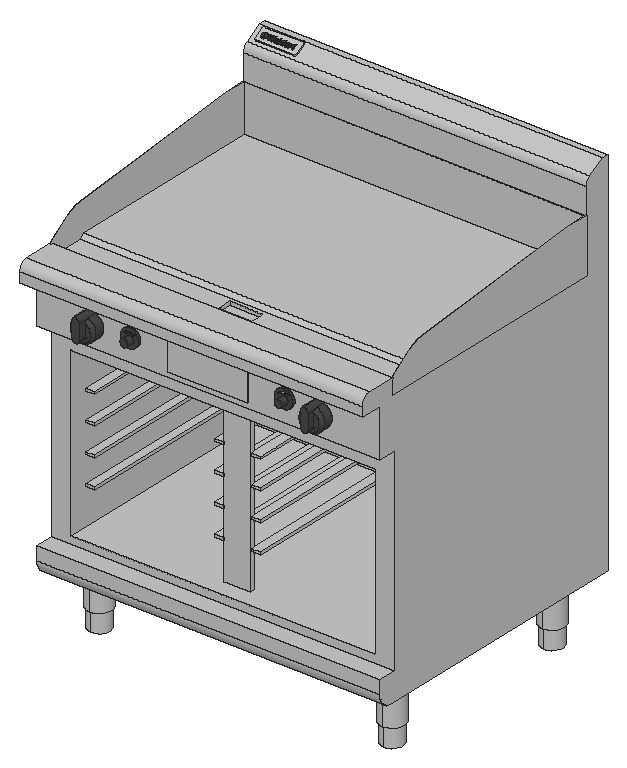
Revit family "QF_MOFFAT WALDORF_GP8900G-CB", category Specialty Equipment, Revit 2012
Parameters
  Weight in Pounds = 440.924  # constant formula
  Width [instance] = 900.00 mm  # constant formula
  URL Cutsheet = "www.moffat.com"
  URL = "www.moffat.com"
  Type Mark [instance] = ""
  Status [instance] = ""
  Specification by User [instance] = ""
  Specification by Manufacturer = ""
  Show Logo [instance] = yes
  Show Casters [instance] = no
  Serial Number = ""
  Seismic Rating = ""
  SMACNA No = ""
  Revision Code [instance] = ""
  Omniclass Number and Title = ""
  NAFEM Spec ID Number = ""
  Model = "GP8900G-CB"
  Mechanical Remarks = ""
  Mechanical Connection Type = ""
  Masterspec = ""
  Manufacturer = "MOFFAT WALDORF"
  Legs [instance] = not(Show Casters)  # yes
  Item Number [instance] = ""
  Installed By [instance] = ""
  Identify Quantity as Lot [instance] = yes
  Height = 1130.00 mm  # constant formula
  Gas Size = 3/4"
  Gas RI Height = 0.00 mm
  Gas KW = 22.2
  Gas Input = 75825.0 Btu/h
  Gas Connection Height = 0.00 mm
  Furnished By [instance] = ""
  Foodservice Equipment Identifier [instance] = yes
  Description = "GRIDDLE PLATE GAS ON CABINET BASE"
  Depth [instance] = 805.00 mm  # constant formula
  CSI MasterFormat = ""
  CSI Master Format = ""
  Back Splash [instance] = 215.00 mm  # constant formula
Reference planes
  plane 1 "BACK": y = 0
  plane 2: z = 0
  plane 3 "LEFT": x = 0
  plane 4 "RIGHT": x = 900
  plane 5 "FRONT": y = -805
  plane 6 "TOP": z = 1130
  plane 7 "Center Y": x = 450
  plane 8 "Center X": y = -402.5
  plane 9 "Base Height": z = 150
  plane 10: z = 915
  plane 11: x = 65
  plane 12: x = 834
  plane 13: y = -625
  plane 14: y = -100
  plane 15: x = 770
  plane 16: z = 655
  plane 17: y = -32
Forms (mm)
  Extrusion 1, solid, material "QF_Finishes_Stainless Steel"
    sketch origin (0, 0, 0) x (0, 1, 0) y (0, 0, 1)
      loop
        line (-749, 222.5) -> (-749, 188)
        arc (-749, 188) -> (-737.87, 161.13) -> (-711, 150) r 38
        line (-711, 150) -> (-699, 150) -> (-699, 222.5) -> (-749, 222.5)
      loop
        line (-805, 891) -> (-805, 866) -> (-749, 866) -> (-749, 740) -> (-100, 740) -> (-100, 150) -> (0, 150) -> (0, 1130) -> (-16.5, 1130) -> (-58, 1106.04)
        arc (-58, 1106.04) -> (-66.785, 1097.255) -> (-70, 1085.255) r 24
        line (-70, 1085.255) -> (-70, 875) -> (-705, 875) -> (-705, 915) -> (-781, 915)
        arc (-781, 915) -> (-797.971, 907.971) -> (-805, 891) r 24
    from 0 to 900
  Revolve 2, solid, material "QF_Finishes_Stainless Steel", visible <- "Legs"
    sketch origin (834, -210, 0) x (0, 1, 0) y (0, 0, -1)
      loop
        line (78.25, -150) -> (110, -150) -> (110, 0) -> (82.5, 0) -> (82.5, -50) -> (78.25, -50) -> (78.25, -150)
      axis (110, -150) -> (110, 0)
    angle from 0 to 360
  Revolve 3, solid, material "QF_Finishes_Stainless Steel"
    sketch origin (834, -735, 0) x (0, 1, 0) y (0, 0, -1)
      loop
        line (78.25, -150) -> (110, -150) -> (110, 0) -> (82.5, 0) -> (82.5, -50) -> (78.25, -50) -> (78.25, -150)
      axis (110, -150) -> (110, 0)
    angle from 0 to 360
  Revolve 4, solid, material "QF_Finishes_Stainless Steel", visible <- "Legs"
    sketch origin (65, -210, 0) x (0, 1, 0) y (0, 0, -1)
      loop
        line (78.25, -150) -> (110, -150) -> (110, 0) -> (82.5, 0) -> (82.5, -50) -> (78.25, -50) -> (78.25, -150)
      axis (110, -150) -> (110, 0)
    angle from 0 to 360
  Revolve 5, solid, material "QF_Finishes_Stainless Steel"
    sketch origin (65, -735, 0) x (0, 1, 0) y (0, 0, -1)
      loop
        line (78.25, -150) -> (110, -150) -> (110, 0) -> (82.5, 0) -> (82.5, -50) -> (78.25, -50) -> (78.25, -150)
      axis (110, -150) -> (110, 0)
    angle from 0 to 360
  Revolve 6, solid, material "QF_Finishes_Black"
    sketch origin (150, 0, 602.373) x (0, 1, 0) y (0, 0, -1)
      loop
        line (-782, -229.5) -> (-759, -229.5) -> (-759, -202) -> (-749, -202) -> (-749, -197) -> (-793, -197) -> (-793, -223.651) -> (-782, -229.5)
      axis (-793, -197) -> (-749, -197)
    angle from 0 to 360
  Extrusion 7, solid, material "QF_Finishes_Black"
    sketch origin (288.27, 0, 602.531) x (-1, 0, 0) y (0, 0, -1)
      loop
        arc (148.269, -184.969) -> (138.269, -174.969) -> (128.269, -184.969) r 10
        line (128.269, -184.969) -> (128.269, -223.969)
        arc (128.269, -223.969) -> (138.269, -233.969) -> (148.269, -223.969) r 10
        line (148.269, -223.969) -> (148.269, -184.969)
    from 759 to 808
  Extrusion 8, solid, material "QF_Finishes_Stainless Steel"
    sketch origin (-295, -749, 866) x (0, 0, -1) y (1, 0, 0)
      loop
        line (24, 640) -> (111, 640) -> (111, 850) -> (24, 850) -> (24, 640)
    from 0 to 2.5
  Extrusion 9, solid, material "QF_Finishes_Stainless Steel"
    sketch origin (-295, -751.5, 866) x (0, 0, -1) y (1, 0, 0)
      loop
        line (31, 850) -> (24, 850) -> (24, 640) -> (31, 640) -> (31, 850)
    from 0 to 5
  Extrusion 10, solid, material "QF_Finishes_Black"
    sketch origin (0, -749, 866) x (0, 0, -1) y (1, 0, 0)
      loop
        circle (66.25, 247.5) r 24
      loop
        arc (56.35, 262.413) -> (48.314, 247.625) -> (56.132, 232.719) r 17.868
        arc (56.132, 232.719) -> (56.612, 232.434) -> (57.127, 232.649) r 0.621
        arc (57.127, 232.649) -> (58.564, 235.208) -> (58.908, 238.122) r 7.495
        arc (58.908, 238.122) -> (58.704, 239.05) -> (58.256, 239.888) r 3.472
        arc (58.256, 239.888) -> (55.964, 247.351) -> (58.094, 254.862) r 13.786
        arc (58.094, 254.862) -> (58.734, 256.132) -> (58.999, 257.528) r 5.101
        arc (58.999, 257.528) -> (58.628, 260.047) -> (57.334, 262.239) r 6.611
        arc (57.334, 262.239) -> (56.872, 262.497) -> (56.35, 262.413) r 0.806
    from 0 to 5
  Extrusion 11, solid, material "QF_Finishes_Black"
    sketch origin (0, -754, 866) x (0, 0, -1) y (1, 0, 0)
      loop
        circle (69.75, 247.5) r 10
    from 0 to 18.251
  Extrusion 12, solid, material "QF_Finishes_Stainless Steel"
    sketch origin (0, -699, 685) x (1, 0, 0) y (0, -1, 0)
      loop
        circle (770, -667) r 13.5
    from -55 to 30
  Revolve 13, solid, material "QF_Finishes_Black"
    sketch origin (750, 0, 602.373) x (0, 1, 0) y (0, 0, 1)
      loop
        line (-782, 229.5) -> (-793, 223.651) -> (-793, 197) -> (-749, 197) -> (-749, 202) -> (-759, 202) -> (-759, 229.5) -> (-782, 229.5)
      axis (-793, 197) -> (-749, 197)
    angle from 0 to 360
  Extrusion 14, solid, material "QF_Finishes_Black"
    sketch origin (611.73, 0, 602.531) x (1, 0, 0) y (0, 0, 1)
      loop
        line (148.269, 184.969) -> (148.269, 223.969)
        arc (148.269, 223.969) -> (138.269, 233.969) -> (128.269, 223.969) r 10
        line (128.269, 223.969) -> (128.269, 184.969)
        arc (128.269, 184.969) -> (138.269, 174.969) -> (148.269, 184.969) r 10
    from 759 to 808
  Extrusion 15, solid, material "QF_Finishes_Black"
    sketch origin (900, -749, 866) x (0, 0, -1) y (1, 0, 0)
      loop
        circle (66.25, -247.5) r 24
      loop
        arc (56.35, -262.413) -> (56.872, -262.497) -> (57.334, -262.239) r 0.806
        arc (57.334, -262.239) -> (58.628, -260.047) -> (58.999, -257.528) r 6.611
        arc (58.999, -257.528) -> (58.734, -256.132) -> (58.094, -254.862) r 5.101
        arc (58.094, -254.862) -> (55.964, -247.351) -> (58.256, -239.888) r 13.786
        arc (58.256, -239.888) -> (58.704, -239.05) -> (58.908, -238.122) r 3.472
        arc (58.908, -238.122) -> (58.564, -235.208) -> (57.127, -232.649) r 7.495
        arc (57.127, -232.649) -> (56.612, -232.434) -> (56.132, -232.719) r 0.621
        arc (56.132, -232.719) -> (48.314, -247.625) -> (56.35, -262.413) r 17.868
    from 0 to 5
  Extrusion 16, solid, material "QF_Finishes_Black"
    sketch origin (900, -754, 866) x (0, 0, -1) y (1, 0, 0)
      loop
        circle (69.75, -247.5) r 10
    from 0 to 18.251
  Extrusion 17, solid, material "QF_Finishes_Stainless Steel"
    sketch origin (0, -100, 866) x (0, 0, 1) y (-1, 0, 0)
      loop
        line (-126, 0) -> (-716, 0) -> (-716, -900) -> (-126, -900) -> (-126, 0)
      loop
        line (-186, -50) -> (-623.5, -50) -> (-623.5, -850) -> (-186, -850) -> (-186, -50)
    from 0 to 599
  Extrusion 18, solid, material "QF_Finishes_Stainless Steel"
    sketch origin (0, -100, 866) x (0, 0, 1) y (-1, 0, 0)
      loop
        line (-186, -485.5) -> (-186, -414.5) -> (-623.5, -414.5) -> (-623.5, -485.5) -> (-186, -485.5)
    from 543.302 to 553.302
  Extrusion 19, solid, material "QF_Finishes_Stainless Steel"
    sketch origin (0, -100, 866) x (0, 0, 1) y (-1, 0, 0)
      loop
        line (-377.25, -414.5) -> (-370.9, -414.5) -> (-370.9, -389.5) -> (-377.25, -389.5) -> (-377.25, -414.5)
      loop
        line (-452.25, -414.5) -> (-445.9, -414.5) -> (-445.9, -389.5) -> (-452.25, -389.5) -> (-452.25, -414.5)
      loop
        line (-452.25, -50) -> (-452.25, -75) -> (-445.9, -75) -> (-445.9, -50) -> (-452.25, -50)
      loop
        line (-370.9, -75) -> (-370.9, -50) -> (-377.25, -50) -> (-377.25, -75) -> (-370.9, -75)
      loop
        line (-527.25, -414.5) -> (-520.9, -414.5) -> (-520.9, -389.5) -> (-527.25, -389.5) -> (-527.25, -414.5)
      loop
        line (-527.25, -50) -> (-527.25, -75) -> (-520.9, -75) -> (-520.9, -50) -> (-527.25, -50)
      loop
        line (-302.25, -414.5) -> (-295.9, -414.5) -> (-295.9, -389.5) -> (-302.25, -389.5) -> (-302.25, -414.5)
      loop
        line (-295.9, -75) -> (-295.9, -50) -> (-302.25, -50) -> (-302.25, -75) -> (-295.9, -75)
      loop
        line (-377.25, -485.5) -> (-377.25, -510.5) -> (-370.9, -510.5) -> (-370.9, -485.5) -> (-377.25, -485.5)
      loop
        line (-452.25, -485.5) -> (-452.25, -510.5) -> (-445.9, -510.5) -> (-445.9, -485.5) -> (-452.25, -485.5)
      loop
        line (-452.25, -850) -> (-445.9, -850) -> (-445.9, -825) -> (-452.25, -825) -> (-452.25, -850)
      loop
        line (-370.9, -825) -> (-377.25, -825) -> (-377.25, -850) -> (-370.9, -850) -> (-370.9, -825)
      loop
        line (-527.25, -485.5) -> (-527.25, -510.5) -> (-520.9, -510.5) -> (-520.9, -485.5) -> (-527.25, -485.5)
      loop
        line (-527.25, -850) -> (-520.9, -850) -> (-520.9, -825) -> (-527.25, -825) -> (-527.25, -850)
      loop
        line (-302.25, -485.5) -> (-302.25, -510.5) -> (-295.9, -510.5) -> (-295.9, -485.5) -> (-302.25, -485.5)
      loop
        line (-295.9, -825) -> (-302.25, -825) -> (-302.25, -850) -> (-295.9, -850) -> (-295.9, -825)
    from 0 to 553.302
  Extrusion 20, void
    sketch origin (0, 0, 150) x (-1, 0, 0) y (0, -1, 0)
      loop
        line (-832.738, 87.26) -> (-832.738, -30.24) -> (-703.238, -30.24) -> (-703.238, 38.76) -> (-751.738, 87.26) -> (-832.738, 87.26)
    from 72.5 to 590
Cuts and joins
  joined: Extrusion 8, Extrusion 9
  Extrusion 20 cuts Extrusion 1
  joined: Extrusion 1, Extrusion 17
Lines and regions (mm)
  Split face 1
    outline origin (12.5, -16.5, 1130) x (0, -0.866025, -0.5) y (1, 0, 0)
      loop
        line (5.391, 151.462) -> (40.361, 151.462) -> (40.361, 169.241) -> (5.391, 169.241) -> (5.391, 151.462)
  Split face 2
    outline origin (66.25, -16.5, 1130) x (0, -0.866025, -0.5) y (1, 0, 0)
      loop
        line (5.391, 151.462) -> (40.361, 151.462) -> (40.361, 169.241) -> (5.391, 169.241) -> (5.391, 151.462)
  Split face 3
    outline origin (120, -16.5, 1130) x (0, -0.866025, -0.5) y (1, 0, 0)
      loop
        line (5.391, 151.462) -> (40.361, 151.462) -> (40.361, 169.241) -> (5.391, 169.241) -> (5.391, 151.462)
  Split face 4
    outline origin (-121.25, -16.5, 1130) x (0, -0.866025, -0.5) y (1, 0, 0)
      loop
        line (5.391, 451.462) -> (40.361, 451.462) -> (40.361, 469.241) -> (5.391, 469.241) -> (5.391, 451.462)
  Split face 5
    outline origin (-67.5, -16.5, 1130) x (0, -0.866025, -0.5) y (1, 0, 0)
      loop
        line (5.391, 451.462) -> (40.361, 451.462) -> (40.361, 469.241) -> (5.391, 469.241) -> (5.391, 451.462)
  Split face 6
    outline origin (-13.75, -16.5, 1130) x (0, -0.866025, -0.5) y (1, 0, 0)
      loop
        line (5.391, 451.462) -> (40.361, 451.462) -> (40.361, 469.241) -> (5.391, 469.241) -> (5.391, 451.462)
  Split face 7
    outline origin (40, -16.5, 1130) x (0, -0.866025, -0.5) y (1, 0, 0)
      loop
        line (5.391, 451.462) -> (40.361, 451.462) -> (40.361, 469.241) -> (5.391, 469.241) -> (5.391, 451.462)
  Split face 8
    outline origin (95, -16.5, 1130) x (0, -0.866025, -0.5) y (1, 0, 0)
      loop
        line (5.391, 451.462) -> (40.361, 451.462) -> (40.361, 469.241) -> (5.391, 469.241) -> (5.391, 451.462)
  Split face 9
    outline origin (150, -16.5, 1130) x (0, -0.866025, -0.5) y (1, 0, 0)
      loop
        line (5.391, 451.462) -> (40.361, 451.462) -> (40.361, 469.241) -> (5.391, 469.241) -> (5.391, 451.462)
  Split face 10
    outline origin (205, -16.5, 1130) x (0, -0.866025, -0.5) y (1, 0, 0)
      loop
        line (5.391, 451.462) -> (40.361, 451.462) -> (40.361, 469.241) -> (5.391, 469.241) -> (5.391, 451.462)
  symbolic lines
    curve 1: line (0, 0, 0) -> (0, -805, 0)
    curve 2: line (900, 0, 0) -> (0, 0, 0)
    curve 3: line (900, -805, 0) -> (900, 0, 0)
    curve 4: line (0, -70, 0) -> (900, -70, 0)
    curve 5: line (0, -805, 0) -> (900, -805, 0)
    curve 6: line (12.5, -20.958, 0) -> (121.5, -20.958, 0)
    curve 7: line (12.5, -51.234, 0) -> (12.5, -20.958, 0)
    curve 8: line (121.5, -20.958, 0) -> (121.5, -51.234, 0)
    curve 9: line (12.5, -51.234, 0) -> (121.5, -51.234, 0)
    curve 10: line (181.741, -21.168, 0) -> (181.741, -51.453, 0)
    curve 11: line (181.741, -51.453, 0) -> (163.962, -51.453, 0)
    curve 12: line (163.962, -51.453, 0) -> (163.962, -21.168, 0)
    curve 13: line (163.962, -21.168, 0) -> (181.741, -21.168, 0)
    curve 14: line (217.712, -51.453, 0) -> (217.712, -21.168, 0)
    curve 15: line (217.712, -21.168, 0) -> (235.491, -21.168, 0)
    curve 16: line (235.491, -21.168, 0) -> (235.491, -51.453, 0)
    curve 17: line (235.491, -51.453, 0) -> (217.712, -51.453, 0)
    curve 18: line (271.462, -51.453, 0) -> (271.462, -21.168, 0)
    curve 19: line (271.462, -21.168, 0) -> (289.241, -21.168, 0)
    curve 20: line (289.241, -21.168, 0) -> (289.241, -51.453, 0)
    curve 21: line (289.241, -51.453, 0) -> (271.462, -51.453, 0)
    curve 22: line (330.212, -51.453, 0) -> (330.212, -21.168, 0)
    curve 23: line (330.212, -21.168, 0) -> (347.991, -21.168, 0)
    curve 24: line (347.991, -21.168, 0) -> (347.991, -51.453, 0)
    curve 25: line (347.991, -51.453, 0) -> (330.212, -51.453, 0)
    curve 26: line (383.962, -51.453, 0) -> (401.741, -51.453, 0)
    curve 27: line (401.741, -51.453, 0) -> (401.741, -21.168, 0)
    curve 28: line (401.741, -21.168, 0) -> (383.962, -21.168, 0)
    curve 29: line (383.962, -21.168, 0) -> (383.962, -51.453, 0)
    curve 30: line (437.712, -51.453, 0) -> (455.491, -51.453, 0)
    curve 31: line (455.491, -51.453, 0) -> (455.491, -21.168, 0)
    curve 32: line (455.491, -21.168, 0) -> (437.712, -21.168, 0)
    curve 33: line (437.712, -21.168, 0) -> (437.712, -51.453, 0)
    curve 34: line (491.462, -51.453, 0) -> (509.241, -51.453, 0)
    curve 35: line (509.241, -51.453, 0) -> (509.241, -21.168, 0)
    curve 36: line (509.241, -21.168, 0) -> (491.462, -21.168, 0)
    curve 37: line (491.462, -21.168, 0) -> (491.462, -51.453, 0)
    curve 38: line (546.462, -51.453, 0) -> (564.241, -51.453, 0)
    curve 39: line (564.241, -51.453, 0) -> (564.241, -21.168, 0)
    curve 40: line (564.241, -21.168, 0) -> (546.462, -21.168, 0)
    curve 41: line (546.462, -21.168, 0) -> (546.462, -51.453, 0)
    curve 42: line (601.462, -51.453, 0) -> (619.241, -51.453, 0)
    curve 43: line (619.241, -51.453, 0) -> (619.241, -21.168, 0)
    curve 44: line (619.241, -21.168, 0) -> (601.462, -21.168, 0)
    curve 45: line (601.462, -21.168, 0) -> (601.462, -51.453, 0)
    curve 46: line (656.462, -51.453, 0) -> (674.241, -51.453, 0)
    curve 47: line (674.241, -51.453, 0) -> (674.241, -21.168, 0)
    curve 48: line (674.241, -21.168, 0) -> (656.462, -21.168, 0)
    curve 49: line (656.462, -21.168, 0) -> (656.462, -51.453, 0)
Dimensions and locks
  equal spacing: plane 3 "LEFT", plane 7 "Center Y", plane 4 "RIGHT"
  "Width": plane 3 "LEFT" to plane 4 "RIGHT"
  equal spacing: plane 5 "FRONT", plane 8 "Center X", plane 1 "BACK"
  "Depth": plane 5 "FRONT" to plane 1 "BACK"
  locked: plane 10 to level at 915
  locked: plane 9 "Base Height" to level at 150
  plane 6 "TOP" to plane 10 = 215.00 mm
  plane 13 to plane 14 = 525.00 mm
  "Height": plane 6 "TOP" to level
  plane 15 to plane 4 "RIGHT" = 130.00 mm
  plane 16 to level = 655.00 mm
  plane 17 to plane 1 "BACK" = 32.00 mm
  aligned and locked: level to plane 2
Automatic sketch dimensions
  plane 1 "BACK" to curve 1 = 0.00 mm
  curve 1 to plane 3 "LEFT" = 0.00 mm
  curve 2 to plane 4 "RIGHT" = 0.00 mm
  plane 5 "FRONT" to curve 5 = 0.00 mm
  plane 3 "LEFT" to curve 6 = 12.50 mm
  curve 9 to plane 17 = 19.234 mm
  plane 11 to curve 9 = 56.50 mm
  plane 17 to curve 12 = 10.832 mm
  curve 6 to curve 12 = 42.462 mm
  curve 12 to curve 13 = 17.779 mm
  curve 10 to curve 14 = 35.971 mm
  curve 14 to curve 15 = 17.779 mm
  plane 17 to curve 19 = 10.832 mm
  curve 15 to curve 19 = 35.971 mm
  curve 18 to curve 20 = 17.779 mm
  curve 22 to plane 17 = 19.453 mm
  curve 20 to curve 22 = 40.971 mm
  curve 22 to curve 24 = 17.779 mm
  plane 17 to curve 29 = 10.832 mm
  curve 23 to curve 29 = 35.971 mm
  curve 28 to curve 27 = 17.779 mm
  curve 33 to plane 7 "Center Y" = 12.288 mm
  plane 7 "Center Y" to curve 31 = 5.491 mm
  plane 17 to curve 36 = 10.832 mm
  curve 31 to curve 36 = 35.971 mm
  curve 36 to curve 36 = 17.779 mm
  plane 17 to curve 40 = 10.832 mm
  curve 35 to curve 40 = 37.221 mm
  curve 40 to curve 40 = 17.779 mm
  curve 38 to curve 45 = 37.221 mm
  curve 44 to curve 43 = 17.779 mm
  plane 17 to curve 48 = 10.832 mm
  curve 43 to curve 48 = 37.221 mm
  curve 48 to curve 48 = 17.779 mm
  curve 4 to curve 7 = 18.766 mm
  curve 46 to plane 17 = 19.453 mm
  curve 45 to plane 17 = 19.453 mm
  curve 41 to plane 17 = 19.453 mm
  curve 37 to plane 17 = 19.453 mm
  curve 10 to plane 17 = 19.453 mm
  curve 14 to plane 17 = 19.453 mm
  curve 33 to plane 17 = 19.453 mm
  curve 18 to plane 17 = 19.453 mm
  curve 29 to plane 17 = 19.453 mm
  plane 17 to curve 16 = 10.832 mm
  plane 17 to curve 22 = 10.832 mm
  plane 17 to curve 32 = 10.832 mm
  plane 17 to curve 43 = 10.832 mm
  plane 17 to curve 7 = 11.042 mm
  Revolve 2 sketch curve to plane 9 "Base Height" = 0.00 mm
  Revolve 2 sketch curve to level = 0.00 mm
  Revolve 2 sketch curve to plane 14 = 0.00 mm  (x2)
  Revolve 2 sketch curve to plane 14 = 27.50 mm
  Revolve 2 sketch curve to plane 14 = 31.75 mm
  level to Revolve 2 sketch curve = 50.00 mm
  Revolve 2 sketch curve to Revolve 2 sketch curve = 0.00 mm
  Revolve 2 sketch curve to Revolve 2 sketch curve = 55.00 mm
  Revolve 3 sketch curve to plane 9 "Base Height" = 0.00 mm
  Revolve 3 sketch curve to level = 0.00 mm
  Revolve 3 sketch curve to plane 13 = 0.00 mm  (x2)
  Revolve 3 sketch curve to plane 13 = 27.50 mm
  Revolve 3 sketch curve to plane 13 = 31.75 mm
  level to Revolve 3 sketch curve = 50.00 mm
  Revolve 3 sketch curve to Revolve 3 sketch curve = 0.00 mm
  Revolve 3 sketch curve to Revolve 3 sketch curve = 55.00 mm
  Revolve 4 sketch curve to plane 9 "Base Height" = 0.00 mm
  Revolve 4 sketch curve to level = 0.00 mm
  Revolve 4 sketch curve to plane 14 = 0.00 mm  (x2)
  Revolve 4 sketch curve to plane 14 = 27.50 mm
  Revolve 4 sketch curve to plane 14 = 31.75 mm
  level to Revolve 4 sketch curve = 50.00 mm
  Revolve 4 sketch curve to Revolve 4 sketch curve = 0.00 mm
  Revolve 4 sketch curve to Revolve 4 sketch curve = 55.00 mm
  Revolve 5 sketch curve to plane 9 "Base Height" = 0.00 mm
  Revolve 5 sketch curve to level = 0.00 mm
  Revolve 5 sketch curve to plane 13 = 0.00 mm  (x2)
  Revolve 5 sketch curve to plane 13 = 27.50 mm
  Revolve 5 sketch curve to plane 13 = 31.75 mm
  level to Revolve 5 sketch curve = 50.00 mm
  Revolve 5 sketch curve to Revolve 5 sketch curve = 0.00 mm
  Revolve 5 sketch curve to Revolve 5 sketch curve = 55.00 mm
  Extrusion 1 to Split face 1 sketch curve = 5.391 mm
  Split face 1 sketch curve to Extrusion 1 = 7.559 mm
  Split face 1 sketch curve to Extrusion 1 = 163.962 mm
  Split face 1 sketch curve to Split face 1 sketch curve = 17.779 mm
  Extrusion 1 to Split face 2 sketch curve = 5.391 mm
  Split face 2 sketch curve to Extrusion 1 = 7.559 mm
  Split face 2 sketch curve to Extrusion 1 = 217.712 mm
  Split face 2 sketch curve to Split face 2 sketch curve = 17.779 mm
  Extrusion 1 to Split face 3 sketch curve = 5.391 mm
  Split face 3 sketch curve to Extrusion 1 = 7.559 mm
  Split face 3 sketch curve to Extrusion 1 = 271.462 mm
  Split face 3 sketch curve to Split face 3 sketch curve = 17.779 mm
  Extrusion 1 to Split face 4 sketch curve = 5.391 mm
  Split face 4 sketch curve to Extrusion 1 = 7.559 mm
  Split face 4 sketch curve to Extrusion 1 = 330.212 mm
  Split face 4 sketch curve to Split face 4 sketch curve = 17.779 mm
  Extrusion 1 to Split face 5 sketch curve = 5.391 mm
  Split face 5 sketch curve to Extrusion 1 = 7.559 mm
  Split face 5 sketch curve to Extrusion 1 = 383.962 mm
  Split face 5 sketch curve to Split face 5 sketch curve = 17.779 mm
  Extrusion 1 to Split face 6 sketch curve = 5.391 mm
  Split face 6 sketch curve to Extrusion 1 = 7.559 mm
  Split face 6 sketch curve to Extrusion 1 = 437.712 mm
  Split face 6 sketch curve to Split face 6 sketch curve = 17.779 mm
  Extrusion 1 to Split face 7 sketch curve = 5.391 mm
  Split face 7 sketch curve to Extrusion 1 = 7.559 mm
  Split face 7 sketch curve to Extrusion 1 = 408.538 mm
  Split face 7 sketch curve to Split face 7 sketch curve = 17.779 mm
  Revolve 6 sketch curve to plane 5 "FRONT" = 12.00 mm
  Revolve 6 sketch curve to Revolve 6 sketch curve = 0.00 mm  (x2)
  Revolve 6 sketch curve to Revolve 6 sketch curve = 11.00 mm
  Revolve 6 sketch curve to Revolve 6 sketch curve = 12.70 mm
  Revolve 6 sketch curve to Revolve 6 sketch curve = 23.00 mm
  Revolve 6 sketch curve to Revolve 6 sketch curve = 10.00 mm
  Revolve 6 sketch curve to plane 10 = 83.127 mm
  Revolve 6 sketch curve to Revolve 6 sketch curve = 5.849 mm
  Revolve 6 sketch curve to Revolve 6 sketch curve = 27.50 mm
  Revolve 6 sketch curve to Revolve 6 sketch curve = 5.00 mm
  plane 11 to Extrusion 7 sketch curve = 95.001 mm
  Extrusion 7 sketch curve to Extrusion 7 sketch curve = 10.00 mm
  Extrusion 7 sketch curve to plane 10 = 88.50 mm
  Extrusion 7 sketch curve to Extrusion 7 sketch curve = 39.00 mm
  Extrusion 1 to Extrusion 8 sketch curve = 24.00 mm
  Extrusion 8 sketch curve to Extrusion 1 = 15.00 mm
  Extrusion 1 to Extrusion 8 sketch curve = 345.00 mm
  Extrusion 8 sketch curve to Extrusion 8 sketch curve = 210.00 mm
  Extrusion 9 sketch curve to Extrusion 8 = 0.00 mm  (x2)
  Extrusion 8 to Extrusion 9 sketch curve = 0.00 mm
  Extrusion 9 sketch curve to Extrusion 8 = 7.00 mm
  Extrusion 1 to Extrusion 10 sketch curve = 51.437 mm
  Extrusion 10 sketch curve to Extrusion 10 sketch curve = 0.958 mm
  Extrusion 10 sketch curve to Extrusion 10 sketch curve = 1.509 mm
  Extrusion 10 sketch curve to Extrusion 10 sketch curve = 4.01 mm
  Extrusion 10 sketch curve to Extrusion 10 sketch curve = 0.685 mm
  Extrusion 10 sketch curve to Extrusion 10 sketch curve = 2.447 mm
  Extrusion 10 sketch curve to Extrusion 10 sketch curve = 0.524 mm
  Extrusion 10 sketch curve to Extrusion 10 sketch curve = 0.381 mm
  Extrusion 10 sketch curve to Extrusion 10 sketch curve = 0.472 mm
  Extrusion 10 sketch curve to Extrusion 10 sketch curve = 0.00 mm  (x5)
  Extrusion 10 sketch curve to Extrusion 10 sketch curve = 0.602 mm
  Extrusion 10 sketch curve to Extrusion 10 sketch curve = 4.19 mm
  Extrusion 10 sketch curve to Extrusion 10 sketch curve = 2.809 mm
  Extrusion 10 sketch curve to Extrusion 10 sketch curve = 0.652 mm
  Extrusion 10 sketch curve to Extrusion 10 sketch curve = 0.905 mm
  Extrusion 10 sketch curve to Extrusion 10 sketch curve = 8.087 mm
  Extrusion 10 sketch curve to Extrusion 10 sketch curve = 0.069 mm
  Extrusion 10 sketch curve to Extrusion 10 sketch curve = 3.50 mm
  Extrusion 1 to Extrusion 10 sketch curve = 232.649 mm
  Extrusion 10 sketch curve to Extrusion 10 sketch curve = 0.07 mm
  Extrusion 10 sketch curve to Extrusion 10 sketch curve = 7.606 mm
  Extrusion 10 sketch curve to Extrusion 10 sketch curve = 0.007 mm
  Revolve 13 sketch curve to plane 5 "FRONT" = 12.00 mm
  Revolve 13 sketch curve to Revolve 13 sketch curve = 0.00 mm  (x2)
  Revolve 13 sketch curve to Revolve 13 sketch curve = 11.00 mm
  Revolve 13 sketch curve to Revolve 13 sketch curve = 12.70 mm
  Revolve 13 sketch curve to Revolve 13 sketch curve = 23.00 mm
  Revolve 13 sketch curve to Revolve 13 sketch curve = 10.00 mm
  Revolve 13 sketch curve to plane 10 = 115.627 mm
  Revolve 13 sketch curve to Revolve 13 sketch curve = 5.00 mm
  Revolve 13 sketch curve to Revolve 13 sketch curve = 26.651 mm
  Revolve 13 sketch curve to Revolve 13 sketch curve = 5.849 mm
  Extrusion 14 sketch curve to plane 15 = 30.001 mm
  Extrusion 14 sketch curve to Extrusion 14 sketch curve = 10.00 mm
  Extrusion 14 sketch curve to plane 10 = 127.50 mm
  Extrusion 14 sketch curve to Extrusion 14 sketch curve = 39.00 mm
  Extrusion 1 to Extrusion 15 sketch curve = 51.437 mm
  Extrusion 15 sketch curve to Extrusion 15 sketch curve = 0.958 mm
  Extrusion 15 sketch curve to Extrusion 15 sketch curve = 1.509 mm
  Extrusion 15 sketch curve to Extrusion 15 sketch curve = 4.01 mm
  Extrusion 15 sketch curve to Extrusion 15 sketch curve = 0.685 mm
  Extrusion 15 sketch curve to Extrusion 15 sketch curve = 2.447 mm
  Extrusion 15 sketch curve to Extrusion 15 sketch curve = 0.524 mm
  Extrusion 15 sketch curve to Extrusion 15 sketch curve = 0.381 mm
  Extrusion 15 sketch curve to Extrusion 15 sketch curve = 0.472 mm
  Extrusion 15 sketch curve to Extrusion 15 sketch curve = 0.00 mm  (x5)
  Extrusion 15 sketch curve to Extrusion 15 sketch curve = 0.602 mm
  Extrusion 15 sketch curve to Extrusion 15 sketch curve = 4.19 mm
  Extrusion 15 sketch curve to Extrusion 15 sketch curve = 2.809 mm
  Extrusion 15 sketch curve to Extrusion 15 sketch curve = 0.652 mm
  Extrusion 15 sketch curve to Extrusion 15 sketch curve = 0.905 mm
  Extrusion 15 sketch curve to Extrusion 15 sketch curve = 8.087 mm
  Extrusion 15 sketch curve to Extrusion 15 sketch curve = 0.069 mm
  Extrusion 15 sketch curve to Extrusion 15 sketch curve = 3.50 mm
  Extrusion 1 to Extrusion 15 sketch curve = 262.413 mm
  Extrusion 15 sketch curve to Extrusion 15 sketch curve = 0.175 mm
  Extrusion 15 sketch curve to Extrusion 15 sketch curve = 7.362 mm
  Extrusion 15 sketch curve to Extrusion 15 sketch curve = 0.007 mm
  Extrusion 1 to Split face 8 sketch curve = 5.391 mm
  Split face 8 sketch curve to Extrusion 1 = 7.559 mm
  Split face 8 sketch curve to Extrusion 1 = 353.538 mm
  Split face 8 sketch curve to Split face 8 sketch curve = 17.779 mm
  Extrusion 1 to Split face 9 sketch curve = 5.391 mm
  Split face 9 sketch curve to Extrusion 1 = 7.559 mm
  Split face 9 sketch curve to Extrusion 1 = 298.538 mm
  Split face 9 sketch curve to Split face 9 sketch curve = 17.779 mm
  Extrusion 1 to Split face 10 sketch curve = 5.391 mm
  Split face 10 sketch curve to Extrusion 1 = 7.559 mm
  Split face 10 sketch curve to Extrusion 1 = 243.538 mm
  Split face 10 sketch curve to Split face 10 sketch curve = 17.779 mm
  Extrusion 1 sketch curve to plane 5 "FRONT" = 0.00 mm
  Extrusion 1 sketch curve to plane 10 = 0.00 mm
  Extrusion 1 sketch curve to plane 9 "Base Height" = 0.00 mm
  Extrusion 1 sketch curve to plane 6 "TOP" = 0.00 mm
  Extrusion 1 sketch curve to plane 1 "BACK" = 0.00 mm
  Extrusion 1 sketch curve to plane 5 "FRONT" = 24.00 mm
  Extrusion 1 sketch curve to Extrusion 1 sketch curve = 32.00 mm
  Extrusion 1 sketch curve to plane 5 "FRONT" = 56.00 mm
  Extrusion 1 sketch curve to Extrusion 1 sketch curve = 38.00 mm
  Extrusion 1 sketch curve to Extrusion 1 sketch curve = 44.00 mm
  plane 14 to Extrusion 1 sketch curve = 30.00 mm
  Extrusion 1 sketch curve to Extrusion 1 sketch curve = 12.00 mm  (x2)
  Extrusion 1 sketch curve to plane 17 = 14.00 mm
  plane 17 to Extrusion 1 sketch curve = 15.50 mm
  Extrusion 1 sketch curve to Extrusion 1 sketch curve = 34.50 mm
  Extrusion 1 sketch curve to Extrusion 1 sketch curve = 25.00 mm
  Extrusion 1 sketch curve to plane 10 = 40.00 mm
  Extrusion 1 sketch curve to plane 6 "TOP" = 44.745 mm
  plane 9 "Base Height" to Extrusion 1 sketch curve = 0.00 mm
  Extrusion 1 sketch curve to plane 14 = 0.00 mm
  plane 16 to Extrusion 1 sketch curve = 85.00 mm
  Extrusion 12 sketch curve to plane 15 = 0.00 mm
  Extrusion 12 sketch curve to plane 17 = 0.00 mm
  Extrusion 17 sketch curve to Extrusion 1 = 0.00 mm  (x4)
  Extrusion 17 sketch curve to Extrusion 1 = 92.50 mm
  Extrusion 1 to Extrusion 17 sketch curve = 60.00 mm
  Extrusion 1 to Extrusion 17 sketch curve = 50.00 mm  (x2)
  Extrusion 18 sketch curve to Extrusion 1 = 92.50 mm
  Extrusion 1 to Extrusion 18 sketch curve = 60.00 mm
  Extrusion 1 to Extrusion 18 sketch curve = 414.50 mm
  Extrusion 18 sketch curve to Extrusion 18 sketch curve = 71.00 mm
  Extrusion 1 to Extrusion 19 sketch curve = 75.00 mm  (x2)
  Extrusion 19 sketch curve to Extrusion 1 = 188.75 mm  (x3)
  Extrusion 19 sketch curve to Extrusion 19 sketch curve = 0.00 mm  (x6)
  Extrusion 1 to Extrusion 19 sketch curve = 50.00 mm  (x4)
  Extrusion 19 sketch curve to Extrusion 19 sketch curve = 6.35 mm  (x16)
  Extrusion 19 sketch curve to Extrusion 19 sketch curve = 68.65 mm  (x12)
  Extrusion 19 sketch curve to Extrusion 19 sketch curve = 25.00 mm  (x16)
  Extrusion 19 sketch curve to Extrusion 19 sketch curve = 314.50 mm
  Extrusion 19 sketch curve to Extrusion 19 sketch curve = 71.00 mm  (x4)
  plane 12 to Extrusion 20 sketch curve = 1.262 mm
  Extrusion 20 sketch curve to plane 15 = 18.262 mm
  Extrusion 20 sketch curve to plane 17 = 6.76 mm
  Extrusion 20 sketch curve to plane 15 = 66.762 mm
  Extrusion 20 sketch curve to plane 1 "BACK" = 30.24 mm
  plane 14 to Extrusion 20 sketch curve = 12.74 mm
  radius of Extrusion 10 sketch curve = 24.00 mm
  radius of Extrusion 11 sketch curve to Extrusion 10 = 3.786 mm
  radius of Extrusion 12 sketch curve = 13.50 mm
  radius of Extrusion 15 sketch curve = 24.00 mm
  radius of Extrusion 16 sketch curve to Extrusion 15 = 3.786 mm
Nested families
  nested 1: "GP8900G-CB-CASTERS" at (65, -127.5, 0), Show Casters <- "Show Casters", visible <- "Show Casters", type "GP8600G-CB-CASTERS"
    with Type Mark "", Status "", Specification by User "", Show Casters no, Revision Code "", Item Number "", Installed By "", Identify Quantity as Lot yes, Furnished By "", Foodservice Equipment Identifier yes
  nested 2: "GP8900G-CB-CASTERS" at (835, -127.5, 0), Show Casters <- "Show Casters", visible <- "Show Casters", type "GP8600G-CB-CASTERS"
    with Type Mark "", Status "", Specification by User "", Show Casters no, Revision Code "", Item Number "", Installed By "", Identify Quantity as Lot yes, Furnished By "", Foodservice Equipment Identifier yes
  nested 3: "GAS GRIDDLE PLATE" at (0, -70, 875), type "GAS GRIDDLE PLATE"
    with Type Mark "", Status "", Specification by User "", Show Clearance yes, Revision Code "", Number of Poles 1, Mechanical Remarks "", Mechanical Connection Type "", Item Number "", Installed By "", Identify Quantity as Lot yes, Gas RI Height 0.00 mm, Gas KW 0, Gas Input 0.0 Btu/h, Furnished By "", Foodservice Equipment Identifier yes, Electrical Remarks "", Electric Connection Type "", Elec Conn RI Height 0.00 mm, Elec Conn Connection Height 0.00 mm
  nested 4: "WALDORF LOGO_FACE BASE" at (12.5, -21.544, 1127.088) x (1, 0, 0) z (0, -0.5, 0.866), visible <- "Show Logo", type "WALDORF LOGO_FACE BASE", detail levels medium+fine
    with Show Logo yes
Connectors
  piping at (770, -32, 655)
    settings: on Extrusion 12, index 1, connector radius 0.37402", flow factor 0, pipe flow 0 GPM, pressure drop 0.00 psi, fitting loss kfactor 0, connector angle 0.00°, fixture units 0, engagement length 0.00 mm, flow configuration 1, flow direction 1, fitting loss method 0, system type 7, joint type 0, gender type 0, connector reference index -1, connector utility 0, adjustable connector no, is connector primary yes, fitting loss table "", connector description "GAS CONNECTION"
Definition of nested family "GAS GRIDDLE PLATE"
  Parameters (values of type "GAS GRIDDLE PLATE")
    Weight in Pounds = 0
    Watts = 0 W
    Volts = 0 V
    URL Cutsheet = ""
    Type Mark [instance] = ""
    Status [instance] = ""
    Specification by User [instance] = ""
    Specification by Manufacturer = ""
    Show Clearance [instance] = yes
    Serial Number = ""
    Seismic Rating = ""
    SMACNA No = ""
    Revision Code [instance] = ""
    Phase = 1
    Omniclass Number and Title = ""
    Number of Poles [instance] = 1
    NAFEM Spec ID Number = ""
    Min Ckt Ampacity = 0 A
    Mechanical Remarks [instance] = ""
    Mechanical Connection Type [instance] = ""
    Max Overcurrent Protection = 0 A
    Masterspec = ""
    Item Number [instance] = ""
    Installed By [instance] = ""
    Identify Quantity as Lot [instance] = yes
    HP = ""
    Gas Size = 0"
    Gas RI Height [instance] = 0.00 mm
    Gas KW [instance] = 0
    Gas Input [instance] = 0.0 Btu/h
    Gas Connection Height = 0.00 mm
    Furnished By [instance] = ""
    Foodservice Equipment Identifier [instance] = yes
    FL Amps = 0 A
    Electrical Remarks [instance] = ""
    Electric Connection Type [instance] = ""
    Elec Conn RI Height [instance] = 0.00 mm
    Elec Conn Connection Height [instance] = 0.00 mm
    Cycle = 0 Hz
    Conn Plug = ""
    Conn Conduit = yes
    CSI MasterFormat = ""
    CSI Master Format = ""
    Apparent Power = if(Phase = 3, Volts * FL Amps * 1.73, Volts * FL Amps)  # 0 VA
  Reference planes
    plane 1 "BACK": y = 0
    plane 2: z = 0
    plane 3 "LEFT": x = 0
    plane 4 "RIGHT": x = 900
    plane 5 "FRONT": y = -634.4
    plane 6 "TOP": z = 142.5
    plane 7 "Center Y": x = 450
    plane 8 "Center X": y = -317.2
  Forms (mm)
    Extrusion 1, solid, material "QF_Finishes_Stainless Steel"
      sketch origin (0, 70.003, -875) x (0, 1, 0) y (0, 0, 1)
        loop
          line (-70, 875) -> (-70, 1017.5) -> (-126.948, 1017.5) -> (-604.433, 971.523)
          arc (-604.433, 971.523) -> (-629.46, 965.803) -> (-652.206, 953.899) r 100
          line (-652.206, 953.899) -> (-704.403, 917.35) -> (-704.403, 875) -> (-70, 875)
      from 0 to 1.8
    Extrusion 2, solid, material "QF_Finishes_Stainless Steel"
      sketch origin (150, 70.003, -875) x (0, 1, 0) y (0, 0, 1)
        loop
          line (-70, 895) -> (-601, 895) -> (-611.5, 884.5) -> (-704.403, 884.5) -> (-704.403, 875) -> (-70, 875) -> (-70, 895)
      from -148.2 to 748.2
    Extrusion 3, void
      sketch origin (150, -541.497, 9.5) x (0, -1, 0) y (1, 0, 0)
        loop
          line (10, 344.25) -> (10, 255.75) -> (48.5, 255.75) -> (48.5, 344.25) -> (10, 344.25)
      from -41.4 to 40.142
    Extrusion 4, solid, material "QF_Finishes_Stainless Steel"
      sketch origin (150, 0.003, 211.074) x (0, 0, -1) y (1, 0, 0)
        loop
          line (68.574, -148.2) -> (191.074, -148.2) -> (191.074, 748.2) -> (68.574, 748.2) -> (68.574, -148.2)
      from 0 to 1.683
    Extrusion 5, solid, material "QF_Finishes_Stainless Steel"
      sketch origin (900, 70.003, -875) x (0, 1, 0) y (0, 0, -1)
        loop
          line (-70, -875) -> (-704.403, -875) -> (-704.403, -917.35) -> (-652.206, -953.899)
          arc (-652.206, -953.899) -> (-629.46, -965.803) -> (-604.433, -971.523) r 100
          line (-604.433, -971.523) -> (-126.948, -1017.5) -> (-70, -1017.5) -> (-70, -875)
      from 0 to 1.8
  Cuts and joins
    Extrusion 3 cuts Extrusion 2
  Lines and regions (mm)
    symbolic lines
      curve 1: line (898.8, -530.997, 0) -> (1.8, -530.997, 0)
      curve 2: line (1.8, -541.497, 0) -> (898.8, -541.497, 0)
      curve 3: line (405.75, -551.497, 0) -> (405.75, -589.997, 0)
      curve 4: line (405.75, -589.997, 0) -> (494.25, -589.997, 0)
      curve 5: line (494.25, -589.997, 0) -> (494.25, -551.497, 0)
      curve 6: line (494.25, -551.497, 0) -> (405.75, -551.497, 0)
      curve 7: line (1.8, -1.68, 0) -> (898.8, -1.68, 0)
      curve 8: line (898.8, -1.68, 0) -> (898.8, -634.4, 0)
      curve 9: line (1.8, -634.4, 0) -> (1.8, -1.68, 0)
      curve 10: line (1.8, -634.4, 0) -> (898.8, -634.4, 0)
  Dimensions and locks
    equal spacing: plane 3 "LEFT", plane 7 "Center Y", plane 4 "RIGHT"
    plane 3 "LEFT" to plane 4 "RIGHT" = 900.00 mm
    equal spacing: plane 5 "FRONT", plane 8 "Center X", plane 1 "BACK"
    plane 5 "FRONT" to plane 1 "BACK" = 634.40 mm
    aligned and locked: level to plane 2
  Automatic sketch dimensions
    plane 5 "FRONT" to curve 10 = 0.00 mm
    plane 3 "LEFT" to curve 10 = 1.80 mm
    curve 4 to plane 5 "FRONT" = 44.403 mm
    plane 4 "RIGHT" to curve 4 = 494.25 mm
    plane 4 "RIGHT" to curve 5 = 405.75 mm
    plane 4 "RIGHT" to curve 8 = 1.20 mm
    curve 3 to curve 3 = 38.50 mm
    curve 2 to plane 5 "FRONT" = 92.903 mm
    curve 2 to curve 1 = 10.50 mm
    plane 1 "BACK" to curve 9 = 1.68 mm
    Extrusion 1 sketch curve to level = 0.00 mm
    Extrusion 1 sketch curve to plane 5 "FRONT" = 0.00 mm
    Extrusion 1 sketch curve to plane 6 "TOP" = 0.00 mm
    Extrusion 1 sketch curve to plane 5 "FRONT" = 52.197 mm
    Extrusion 1 sketch curve to Extrusion 1 sketch curve = 47.773 mm
    Extrusion 1 sketch curve to level = 3.016 mm
    Extrusion 1 sketch curve to Extrusion 1 sketch curve = 9.585 mm
    plane 1 "BACK" to Extrusion 1 sketch curve = 56.945 mm
    Extrusion 1 sketch curve to plane 1 "BACK" = 0.003 mm
    level to Extrusion 1 sketch curve = 42.35 mm
    Extrusion 1 sketch curve to plane 6 "TOP" = 63.601 mm
    Extrusion 2 sketch curve to level = 0.00 mm
    Extrusion 2 sketch curve to plane 5 "FRONT" = 0.00 mm
    level to Extrusion 2 sketch curve = 9.50 mm
    Extrusion 2 sketch curve to Extrusion 2 sketch curve = 92.903 mm
    Extrusion 2 sketch curve to Extrusion 2 sketch curve = 10.50 mm  (x2)
    Extrusion 2 sketch curve to plane 1 "BACK" = 0.003 mm
    Extrusion 2 to Extrusion 3 sketch curve = 10.00 mm
    Extrusion 3 sketch curve to Extrusion 3 sketch curve = 38.50 mm
    Extrusion 2 to Extrusion 3 sketch curve = 492.45 mm
    Extrusion 2 to Extrusion 3 sketch curve = 403.95 mm
    Extrusion 4 sketch curve to plane 6 "TOP" = 0.00 mm
    level to Extrusion 4 sketch curve = 20.00 mm
    plane 3 "LEFT" to Extrusion 4 sketch curve = 1.80 mm
    plane 7 "Center Y" to Extrusion 4 sketch curve = 448.20 mm
    Extrusion 5 sketch curve to level = 0.00 mm
    Extrusion 5 sketch curve to plane 5 "FRONT" = 0.00 mm
    Extrusion 5 sketch curve to plane 6 "TOP" = 0.00 mm
    Extrusion 5 sketch curve to plane 5 "FRONT" = 52.197 mm
    Extrusion 5 sketch curve to Extrusion 5 sketch curve = 47.773 mm
    Extrusion 5 sketch curve to level = 3.016 mm
    Extrusion 5 sketch curve to Extrusion 5 sketch curve = 57.358 mm
    plane 1 "BACK" to Extrusion 5 sketch curve = 56.945 mm
    Extrusion 5 sketch curve to plane 1 "BACK" = 0.003 mm
    Extrusion 5 sketch curve to plane 6 "TOP" = 45.977 mm
    level to Extrusion 5 sketch curve = 42.35 mm
Definition of nested family "WALDORF LOGO_FACE BASE"
  Parameters (values of type "WALDORF LOGO_FACE BASE")
    Show Logo [instance] = yes
    Default Elevation = 1219.20 mm
  Reference planes
    plane 1 "Center (Front/Back)": y = 0
    plane 2: z = 0
    plane 3 "Center (Left/Right)": x = 0
  Forms (mm)
    Extrusion 1, solid
      sketch origin (0, 0, 0) x (1, 0, 0) y (0, 1, 0)
        loop
          line (-1219.2, 1219.2) -> (-1219.2, -1219.2) -> (1219.2, -1219.2) -> (1219.2, 1219.2) -> (-1219.2, 1219.2)
      from 0 to -304.8
    Extrusion 2, solid, material "QF_Finishes_Stainless Steel", visible <- "Show Logo"
      sketch origin (0, -33.217, 0) x (1, 0, 0) y (0, 1, 0)
        loop
          arc (5, 34.14) -> (1.464, 32.676) -> (0, 29.14) r 5
          line (0, 29.14) -> (0, 5)
          arc (0, 5) -> (1.464, 1.464) -> (5, 0) r 5
          line (5, 0) -> (104, 0)
          arc (104, 0) -> (107.536, 1.464) -> (109, 5) r 5
          line (109, 5) -> (109, 29.14)
          arc (109, 29.14) -> (107.536, 32.676) -> (104, 34.14) r 5
          line (104, 34.14) -> (5, 34.14)
      from 0 to 1.588
    Extrusion 3, solid, material "QF_Finishes_Black", visible <- "Show Logo"
      sketch origin (0, -33.217, 1.588) x (1, 0, 0) y (0, 1, 0)
        loop
          line (24.772, 23.214) -> (27.992, 10.301) -> (31.551, 10.301) -> (33.443, 17.364) -> (35.205, 10.301) -> (39.332, 10.301) -> (42.077, 23.214) -> (38.352, 23.214) -> (36.676, 15.33) -> (35, 23.214) -> (31.752, 23.214) -> (30.076, 15.33) -> (28.4, 23.214) -> (24.772, 23.214)
        loop
          line (42.272, 17.055) -> (45.703, 17.055)
          spline (45.703, 17.055) -> (45.741, 17.285) -> (45.852, 17.499) -> (46.028, 17.682) -> (46.258, 17.823) -> (46.526, 17.912) -> (46.813, 17.942) -> (47.1, 17.912) -> (47.368, 17.823) -> (47.597, 17.682) -> (47.774, 17.499) -> (47.884, 17.285) -> (47.922, 17.055)
          line (47.922, 17.055) -> (47.922, 16.222)
          arc (47.922, 16.222) -> (45.742, 16.014) -> (43.665, 15.317) r 9.604
          arc (43.665, 15.317) -> (41.924, 12.809) -> (43.665, 10.301) r 2.677
          arc (43.665, 10.301) -> (45.527, 10.353) -> (47.332, 10.816) r 8.365
          line (47.332, 10.816) -> (48.092, 11.105) -> (48.092, 10.301) -> (51.817, 10.301) -> (51.817, 17.055)
          spline (51.817, 17.055) -> (51.654, 17.821) -> (51.178, 18.535) -> (50.419, 19.148) -> (49.431, 19.619) -> (48.28, 19.914) -> (47.044, 20.015) -> (45.809, 19.914) -> (44.658, 19.619) -> (43.67, 19.148) -> (42.911, 18.535) -> (42.434, 17.821) -> (42.272, 17.055)
        loop
          line (53.151, 23.214) -> (53.151, 10.301) -> (57.37, 10.301) -> (57.37, 23.214) -> (53.151, 23.214)
        loop
          line (64.874, 23.214) -> (64.874, 18.857)
          arc (64.874, 18.857) -> (58.083, 15.11) -> (64.874, 11.363) r 4.429
          line (64.874, 11.363) -> (64.874, 10.301) -> (68.378, 10.301) -> (68.378, 23.214) -> (64.874, 23.214)
        loop
          arc (64.874, 16.083) -> (61.41, 14.987) -> (64.874, 13.891) r 1.905
          line (64.874, 13.891) -> (64.874, 16.083)
        loop
          circle (74.623, 15.223) r 5
        loop
          spline (74.623, 17.856) -> (74.355, 17.766) -> (74.105, 17.503) -> (73.891, 17.084) -> (73.726, 16.539) -> (73.623, 15.904) -> (73.588, 15.223) -> (73.623, 14.541) -> (73.726, 13.906) -> (73.891, 13.361) -> (74.105, 12.942) -> (74.355, 12.679) -> (74.623, 12.59)
          spline (74.623, 12.59) -> (74.891, 12.679) -> (75.141, 12.942) -> (75.355, 13.361) -> (75.52, 13.906) -> (75.623, 14.541) -> (75.659, 15.223) -> (75.623, 15.904) -> (75.52, 16.539) -> (75.355, 17.084) -> (75.141, 17.503) -> (74.891, 17.766) -> (74.623, 17.856)
        loop
          line (81.255, 19.813) -> (81.255, 10.301) -> (84.834, 10.301) -> (84.834, 14.176)
          arc (84.834, 14.176) -> (85.854, 16.093) -> (88.013, 16.32) r 2.313
          line (88.013, 16.32) -> (88.013, 19.813) -> (87.161, 19.813)
          arc (87.161, 19.813) -> (85.526, 19.266) -> (84.549, 17.844) r 2.717
          line (84.549, 17.844) -> (84.549, 19.813) -> (81.255, 19.813)
        loop
          line (90.249, 19.813) -> (88.91, 19.813) -> (88.91, 17.614) -> (90.249, 17.614) -> (90.249, 10.301) -> (93.998, 10.301) -> (93.998, 17.614) -> (95.418, 17.614) -> (95.418, 19.813) -> (93.998, 19.813)
          arc (93.998, 19.813) -> (94.414, 20.817) -> (95.418, 21.233) r 1.42
          line (95.418, 21.233) -> (95.418, 23.602) -> (93.317, 23.602)
          arc (93.317, 23.602) -> (91.343, 22.903) -> (90.249, 21.118) r 3.137
          line (90.249, 21.118) -> (90.249, 19.813)
        loop
          arc (15.241, 23.571) -> (8.392, 16.525) -> (15.241, 9.479) r 7.049
          line (15.241, 9.479) -> (15.241, 23.571)
        loop
          line (15.641, 23.571) -> (15.641, 9.479)
          arc (15.641, 9.479) -> (22.49, 16.525) -> (15.641, 23.571) r 7.049
        loop
          arc (47.922, 14.711) -> (46.266, 13.749) -> (47.922, 12.787) r 1.107
          line (47.922, 12.787) -> (47.922, 14.711)
      from 0 to 0.2
  Dimensions and locks
    aligned and locked: plane 2 to Extrusion 1
    aligned and locked: level to Extrusion 1
Definition of nested family "GP8900G-CB-CASTERS"
  Parameters (values of type "BT8600-LS-CASTERS")
    Weight = ""
    URL Manufacturer = ""
    URL Cutsheet = ""
    URL = ""
    Type Mark [instance] = ""
    Status [instance] = ""
    Specification by User [instance] = ""
    Specification by Manufacturer = ""
    Show Casters [instance] = no
    Serial Number = ""
    Seismic Rating = ""
    SMACNA No = ""
    Revision Code [instance] = ""
    Omniclass Number and Title = ""
    NAFEM Spec ID Number = ""
    Model = ""
    MasterSpec. = ""
    Manufacturer = ""
    Item Number [instance] = ""
    Installed By [instance] = ""
    Identify Quantity as Lot [instance] = yes
    Furnished By [instance] = ""
    Foodservice Equipment Identifier [instance] = yes
    Description = ""
    CSI MasterFormat = ""
    CSI Master Format = ""
    Assembly Code = ""
  Reference planes
    plane 1: z = 0
    plane 2 "RIGHT": x = 0
    plane 3 "FRONT": y = 0
    plane 4 "Base Height": z = 150
  Forms (mm)
    Revolve 1, solid, material "QF_Finishes_Stainless Steel", visible <- "Show Casters"
      sketch origin (0, 56.335, 0) x (0, 1, 0) y (0, 0, 1)
        loop
          line (-56.335, 152.4) -> (-56.335, 141.118) -> (-23.798, 141.118) -> (-23.798, 152.4) -> (-56.335, 152.4)
        axis (-56.335, 141.118) -> (-56.335, 152.4)
      angle from 0 to 360
    Extrusion 2, solid, material "QF_Finishes_Stainless Steel", visible <- "Show Casters"
      sketch origin (-46.049, 56.335, 0) x (0, 1, 0) y (0, 0, 1)
        loop
          line (-85.799, 141.118) -> (-85.799, 133.498) -> (-82.136, 133.498)
          arc (-82.136, 133.498) -> (-79.344, 132.328) -> (-77.146, 130.248) r 8.432
          line (-77.146, 130.248) -> (-39.502, 49.52)
          arc (-39.502, 49.52) -> (-13.784, 46.107) -> (-5.673, 70.75) r 20.32
          arc (-5.673, 70.75) -> (-7.065, 73.611) -> (-8.887, 76.22) r 20.32
          arc (-8.887, 76.22) -> (-9.399, 85.377) -> (-6.626, 94.119) r 25.4
          line (-6.626, 94.119) -> (8.003, 121.632)
          arc (8.003, 121.632) -> (-2.347, 126.31) -> (-13.34, 129.167) r 66.802
          line (-13.34, 129.167) -> (-13.765, 133.498) -> (-26.871, 133.498) -> (-26.871, 141.118) -> (-85.799, 141.118)
      from 20.058 to 22.923
    Extrusion 3, solid, material "QF_Finishes_Stainless Steel", visible <- "Show Casters"
      sketch origin (3.326, 56.335, 0) x (0, 1, 0) y (0, 0, 1)
        loop
          line (-85.799, 141.118) -> (-85.799, 133.498) -> (-82.136, 133.498)
          arc (-82.136, 133.498) -> (-79.344, 132.328) -> (-77.146, 130.248) r 8.432
          line (-77.146, 130.248) -> (-39.502, 49.52)
          arc (-39.502, 49.52) -> (-13.784, 46.107) -> (-5.673, 70.75) r 20.32
          arc (-5.673, 70.75) -> (-7.065, 73.611) -> (-8.887, 76.22) r 20.32
          arc (-8.887, 76.22) -> (-9.399, 85.377) -> (-6.626, 94.119) r 25.4
          line (-6.626, 94.119) -> (8.003, 121.632)
          arc (8.003, 121.632) -> (-2.347, 126.31) -> (-13.34, 129.167) r 66.802
          line (-13.34, 129.167) -> (-13.765, 133.498) -> (-26.871, 133.498) -> (-26.871, 141.118) -> (-85.799, 141.118)
      from 20.058 to 22.923
    Extrusion 4, solid, material "QF_Finishes_Stainless Steel", visible <- "Show Casters"
      sketch origin (-49.224, 56.335, 0) x (0, 1, 0) y (0, 0, 1)
        loop
          line (-85.799, 141.118) -> (-85.799, 133.498) -> (-82.136, 133.498) -> (-18.877, 127.964) -> (7.14, 120.01) -> (8.003, 121.632)
          arc (8.003, 121.632) -> (-2.347, 126.31) -> (-13.34, 129.167) r 66.802
          line (-13.34, 129.167) -> (-13.765, 133.498) -> (-26.871, 133.498) -> (-26.871, 141.118) -> (-85.799, 141.118)
      from 26.098 to 72.56
    Revolve 5, solid, material "QF_Finishes_Stainless Steel", visible <- "Show Casters"
      sketch origin (-49.224, 30.821, 0) x (1, 0, 0) y (0, 0, 1)
        loop
          line (14.841, 63.604) -> (83.584, 63.604) -> (83.584, 67.109) -> (82.314, 68.379) -> (80.79, 68.379) -> (80.79, 71.826) -> (68.644, 71.826) -> (68.644, 81.79) -> (65.088, 83.843) -> (61.683, 104.879) -> (65.881, 104.879) -> (65.881, 111.229) -> (65.088, 111.229) -> (65.088, 117.579)
          arc (65.088, 117.579) -> (62.298, 124.314) -> (55.563, 127.104) r 9.525
          line (55.563, 127.104) -> (42.863, 127.104)
          arc (42.863, 127.104) -> (36.127, 124.314) -> (33.338, 117.579) r 9.525
          line (33.338, 117.579) -> (33.338, 111.229) -> (32.544, 111.229) -> (32.544, 104.879) -> (36.742, 104.879) -> (33.352, 83.932) -> (29.782, 81.871) -> (29.782, 71.826) -> (17.635, 71.826) -> (17.635, 68.379) -> (16.111, 68.379) -> (14.841, 67.109) -> (14.841, 63.604)
        axis (14.841, 63.604) -> (83.584, 63.604)
      angle from 0 to 360
  Cuts and joins
    joined: Extrusion 2, Extrusion 3, Extrusion 4
  Lines and regions (mm)
    symbolic lines, style "SpecialityEquipmentHiddenLines", visible <- "Show Casters"
      curve 1: line (18.009, 67.053, 0) -> (45.595, 51.127, 0)
      curve 2: line (-45.491, -42.932, 0) -> (18.009, 67.053, 0)
      curve 3: line (-17.905, -58.859, 0) -> (-45.491, -42.932, 0)
      curve 4: line (45.595, 51.127, 0) -> (-17.905, -58.859, 0)
  Dimensions and locks
    plane 4 "Base Height" to level = 150.00 mm  (x2)
    Revolve 5 sketch curve to Revolve 5 sketch curve = 63.50 mm
    aligned and locked: level to plane 1
